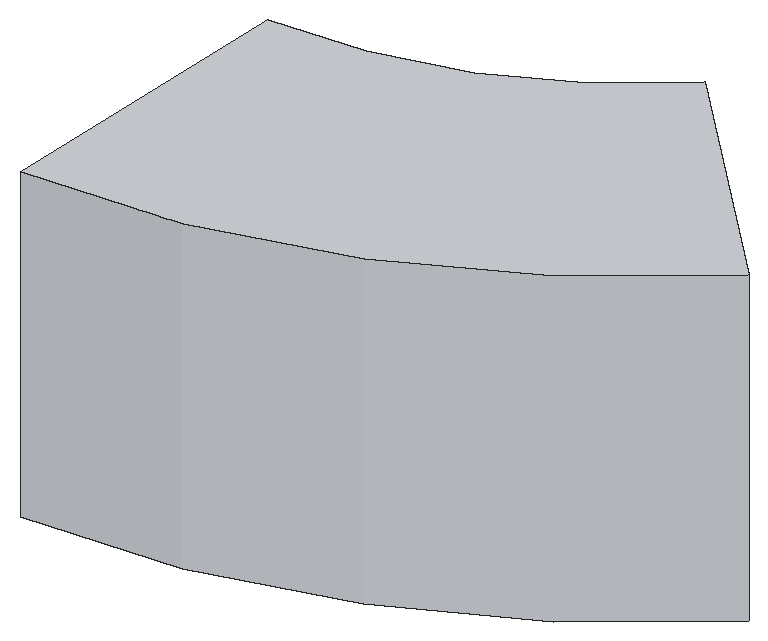
Revit family "f5e2b4ed57634167b0830d17a138ef9b", category Duct Fittings, Revit 2021
Family settings
  Round Connector Dimension = Use Diameter
  Part Type = Elbow
  OmniClass Number = 23.75.70.14
  OmniClass Title = Air Ductwork
  Seek Item ID = Rectangular Elbow - Radius-0000-USA-ENU
  Work Plane-Based = No
  Always vertical = Yes
  Cut with Voids When Loaded = No
  Shared = No
Parameters (values of type "2 W")
  Duct Width [instance] = 12"
  Radius Multiplier = 2
  Duct Length 1 [instance] = Center Radius * tan(Angle / 2)  # 9.94113"
  Duct Height [instance] = 12"
  Default Elevation = 0' - 0"
  Center Radius [instance] = Radius Multiplier * Duct Width  # 24"
  Assembly Code = ""
  Angle [instance] = 45.00°
Types (3): name | Radius Multiplier | Duct Length 1 | Center Radius
  1.5 W | 1.5 | 7.45584" | 18"
  1 W | 1 | 4.97056" | 12"
  2 W | 2 | 9.94113" | 24"
Reference planes (in)
  plane 1 "Center (Front/Back)": y = 0
  plane 2: z = 0
  plane 3 "Center (Left/Right)": x = 0
  plane 4: y = 24
  plane 5: x = -9.94113
Forms (in)
  Sweep 1, solid, detail levels medium+fine
    path in 3D
      loop
        arc (-9.94113, 0, 0) -> (-0.75672, 1.82689, 0) -> (7.02944, 7.02944, 0) r 24
    profile "Duct - Rectangular : Duct - Rectangular" origin (-0.75672, 1.82689, 0) x (-0.382683, 0.92388, 0) y (0, 0, 1)
      loop
        line (-6, 6) -> (-6, -6) -> (6, -6) -> (6, 6) -> (-6, 6)
Lines and regions (in)
  reference lines
    curve 1: line (-9.94113, 0, 0) -> (0, 0, 0)
    curve 2: line (0, 0, 0) -> (7.02944, 7.02944, 0)
    curve 3: arc (-9.94113, 0, 0) -> (-0.75672, 1.82689, 0) -> (7.02944, 7.02944, 0) r 24
    curve 4: line (-9.94113, 24, 0) -> (7.02944, 7.02944, 0)
    curve 7: line (-9.94113, 24, 0) -> (-9.94113, 0, 0)
  sketch lines
    curve 5: arc (-9.94113, 0, 0) -> (-0.75672, 1.82689, 0) -> (7.02944, 7.02944, 0) r 24
  model lines, style "DuctFitting", detail levels coarse
    curve 6: arc (-9.94113, 0, 0) -> (-0.75672, 1.82689, 0) -> (7.02944, 7.02944, 0) r 24
Dimensions and locks (in)
  "Duct Length 1": plane 5 to plane 3 "Center (Left/Right)"
  "Center Radius": plane 1 "Center (Front/Back)" to plane 4
  "Angle": angle curve 7 to curve 4
  "Angle": angle curve 6 to curve 6
  aligned and locked: plane 1 "Center (Front/Back)" to curve 1
  aligned and locked: plane 3 "Center (Left/Right)" to curve 1
  aligned and locked: plane 5 to curve 1
  aligned and locked: plane 4 to curve 3
  aligned and locked: plane 5 to curve 3
  aligned and locked: connector elem to curve 6
  aligned and locked: plane 4 to curve 6
  aligned and locked: plane 5 to curve 6  (x2)
  aligned and locked: curve 7 to plane 5
  aligned and locked: plane 4 to curve 7
Connectors (in)
  hvac at (-9.94113, 0, 0), driven by "Angle", driven by "Duct Height", driven by "Duct Width"
    settings: on Sweep 1, index 1, duct flow 0 CFM, flow factor 0, pres drop 0.00 in-wg, loss coef 0, conn angle 45.00°, conn width 12", conn height 12", conn diameter 24", duct sys type 28, conn prof type 1, flow config 0, flow direction 0, loss method 0, conn ref index 2, conn util no, is conn primary yes, conn desc ""
  hvac at (7.02944, 7.02944, 0), driven by "Angle", driven by "Duct Height", driven by "Duct Width"
    settings: on Sweep 1, index 2, duct flow 0 CFM, flow factor 0, pres drop 0.00 in-wg, loss coef 0, conn angle 45.00°, conn width 12", conn height 12", conn diameter 24", duct sys type 28, conn prof type 1, flow config 0, flow direction 0, loss method 0, conn ref index 1, conn util no, is conn primary no, conn desc ""
